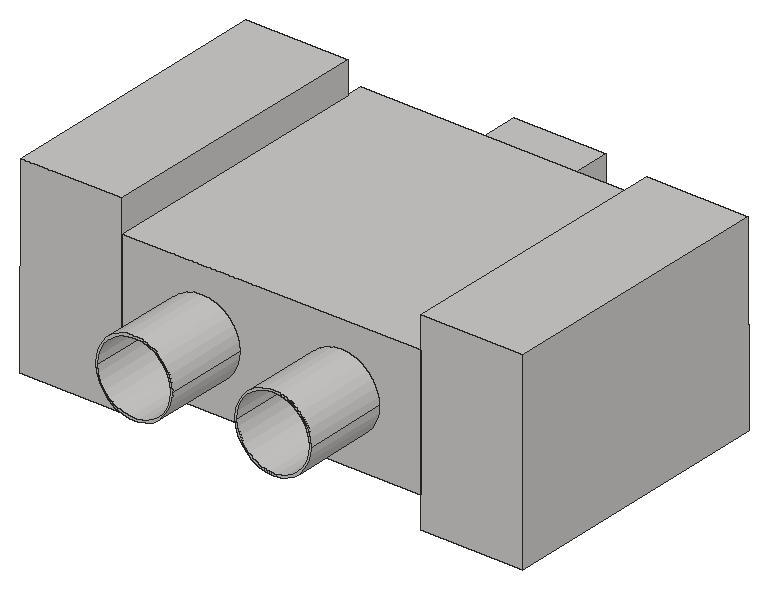
Revit family
Parameters
  Width = 1' - 7"
  Unit Weight = "68.0 lbs"
  URL = "http://www.titus-hvac.com/"
  UL = "181"
  SteriLoc Liner = Liner Option = 3  # no
  Outlet Width = 0' - 5 7/8"
  Outlet Height = 0' - 5 7/8"
  Nominal Width = Width + 1' 1"  # 2' - 8"
  Nominal Length = Length + Inlet Length + 0' 4"  # 2' - 4 3/8"
  Nominal Inlet Size = 0' - 5"
  Nominal Height = if(Height > 1' 0 1/4", Height, 1' 0 1/4")  # 1' - 0 1/4"
  NFPA = "90A"
  Model = "DEDV"
  Min. Air Flow = 0 CFM
  Max. Air Flow = 350 CFM
  Material = Steel
  Manufacturer = "Titus"
  Liner Option = 0
  Length = 1' - 7"
  Inlet Void Radius = Inlet Radius - 0' 0 1/8"  # 0' - 2 5/16"
  Inlet Radius = Inlet Diameter / 2  # 0' - 2 7/16"
  Inlet Offset = 0' - 8 7/8"
  Inlet Length = 0' - 5 3/8"
  Inlet Diameter = Nominal Inlet Size - 0' 0 1/8"  # 0' - 4 7/8"
  Height = 0' - 8 1/4"
  Heat Air Pressure Drop [instance] = 0.00 in-wg
  Heat Air Flow [instance] = 0 CFM
  Fiber Free Liner = Liner Option = 2  # no
  Duct Radius = Nominal Inlet Size / 2  # 0' - 2 1/2"
  Design Air Flow [instance] = 0 CFM
  Description = "Dual Duct Terminal Unit, Direct Digital Control, Pressure Independent, with Integral Mixer/Attenuator"
  Cool Air Pressure Drop [instance] = 0.00 in-wg
  Cool Air Flow [instance] = 0 CFM
  CADworks URL = "www.CADworks.net"
  Assembly Code = "D3040100"
  1/2" Fiberglass Liner = Liner Option = 0  # yes
  1" Fiberglass Liner = Liner Option = 1  # no
Reference planes (in)
  plane 1 "Center (Front/Back)": y = 0
  plane 2: z = 0
  plane 3 "Center (Left/Right)": x = 0
  plane 4: x = 9.5
  plane 5: x = -9.5
  plane 6: y = 9.5
  plane 7: y = -9.5
  plane 8: z = 4.125
  plane 9: z = -4.125
  plane 10: x = -4.4375
  plane 11: x = 4.4375
  plane 12: y = -14.875
  plane 13: y = 13.5
  plane 14: x = -16
  plane 15: x = 16
  plane 16: z = 6.125
  plane 17: z = -6.125
Forms (in)
  Extrusion 1, solid, material "Steel" <- "Material"
    sketch origin (0, 70.5, 0) x (1, 0, 0) y (0, 0, 1)
      loop
        line (-9.5, 4.125) -> (-9.5, -4.125) -> (9.5, -4.125) -> (9.5, 4.125) -> (-9.5, 4.125)
    from 61 to 80
  Extrusion 2, solid, material "Steel" <- "Material"
    sketch origin (0, 6.5, 0) x (1, 0, 0) y (0, 0, 1)
      loop
        line (9.5, 6.125) -> (9.5, -6.125) -> (16, -6.125) -> (16, 6.125) -> (9.5, 6.125)
    from -2 to 16
  Extrusion 3, solid, material "Steel" <- "Material"
    sketch origin (0, 8.5, 0) x (-1, 0, 0) y (0, 0, -1)
      loop
        line (9.5, -6.125) -> (16, -6.125) -> (16, 6.125) -> (9.5, 6.125) -> (9.5, -6.125)
    from 0 to 18
  Extrusion 4, solid, material "Steel" <- "Material"
    sketch origin (-0.5, -19, 0) x (1, 0, 0) y (0, 0, 1)
      loop
        circle (-3.9375, 0) r 2.4375
    from -9.5 to -4.125
  Extrusion 5, solid, material "Steel" <- "Material"
    sketch origin (-4, -6, 0) x (-1, 0, 0) y (0, 0, -1)
      loop
        circle (-8.4375, 0) r 2.4375
    from 3.5 to 8.875
  Extrusion 6, void
    sketch origin (0, -10.375, 0) x (1, 0, 0) y (0, 0, 1)
      loop
        circle (-4.4375, 0) r 2.3125
    from -0.875 to 4.5
  Extrusion 7, void
    sketch origin (0, 0, 0) x (1, 0, 0) y (0, 0, 1)
      loop
        circle (4.4375, 0) r 2.3125
    from 9.5 to 14.875
  Extrusion 8, solid, material "Steel" <- "Material"
    sketch origin (0, 23, 0) x (1, 0, 0) y (0, 0, 1)
      loop
        line (-2.9375, 2.9375) -> (-2.9375, -2.9375) -> (2.9375, -2.9375) -> (2.9375, 2.9375) -> (-2.9375, 2.9375)
    from 9.5 to 13.5
  Extrusion 9, void
    sketch origin (0, 34.5, 0) x (1, 0, 0) y (0, 0, 1)
      loop
        line (-2.8125, 2.8125) -> (-2.8125, -2.8125) -> (2.8125, -2.8125) -> (2.8125, 2.8125) -> (-2.8125, 2.8125)
    from 21 to 25
Cuts and joins
  Extrusion 6, Extrusion 7, Extrusion 9 cuts Extrusion 1
  Extrusion 6 cuts Extrusion 4
  Extrusion 7 cuts Extrusion 5
  Extrusion 9 cuts Extrusion 8
Dimensions and locks (in)
  "Length": plane 7 to plane 6
  equal spacing: plane 7, plane 1 "Center (Front/Back)", plane 6
  "Width": plane 5 to plane 4
  equal spacing: plane 5, plane 3 "Center (Left/Right)", plane 4
  "Height": plane 9 to plane 8
  equal spacing: plane 9, level, plane 8
  locked: Extrusion 2 to plane 7 at 18
  locked: Extrusion 2 to Extrusion 2 at 12.25
  equal spacing: Extrusion 2, plane 2, Extrusion 2
  locked: Extrusion 2 to plane 4 at 6.5
  locked: Extrusion 3 to Extrusion 3 at 12.25
  equal spacing: Extrusion 3, plane 2, Extrusion 3
  locked: Extrusion 3 to plane 5 at 6.5
  locked: Extrusion 3 to plane 7 at 18
  "Inlet Offset": plane 10 to plane 11
  equal spacing: plane 10, plane 3 "Center (Left/Right)", plane 11
  "Inlet Length": plane 7 to plane 12
  "Inlet Length": plane 7 to Extrusion 4
  "Inlet Length": Extrusion 5 to plane 7
  locked: plane 6 to plane 13 at 4
  "Outlet Width": Extrusion 8 sketch curve to Extrusion 8 sketch curve
  equal spacing: Extrusion 8 sketch curve, plane 3 "Center (Left/Right)", Extrusion 8 sketch curve
  locked: cut or joined group of Extrusion 8, Extrusion 9 to Extrusion 9 sketch curve at 0.125  (x3)
  locked: Extrusion 9 sketch curve to cut or joined group of Extrusion 8, Extrusion 9 at 0.125
  "Outlet Height": Extrusion 8 sketch curve to Extrusion 8 sketch curve
  equal spacing: Extrusion 8 sketch curve, plane 2, Extrusion 8 sketch curve
  "Nominal Width": plane 14 to plane 15
  plane 13 to plane 12 = 2' - 4 3/8"
  locked: plane 14 to plane 5 at 6.5
  plane 9 to cut or joined group of Extrusion 8, Extrusion 9 = 0' - 1 3/16"  (x3)
  plane 8 to cut or joined group of Extrusion 8, Extrusion 9 = 0' - 1 3/16"  (x2)
  "Inlet Radius": plane 11 to cut or joined group of Extrusion 5, Extrusion 7
  "Inlet Radius": cut or joined group of Extrusion 4, Extrusion 6 to plane 10
  "Inlet Radius": radius of Extrusion 4 sketch curve
  "Inlet Radius": radius of Extrusion 5 sketch curve
  "Inlet Void Radius": radius of Extrusion 6 sketch curve
  "Inlet Void Radius": radius of Extrusion 7 sketch curve
  aligned and locked: plane 6 to Extrusion 1
  aligned and locked: plane 4 to Extrusion 1
  aligned and locked: plane 5 to Extrusion 1
  aligned and locked: plane 7 to Extrusion 1
  aligned and locked: plane 8 to Extrusion 1
  aligned and locked: plane 7 to Extrusion 2
  aligned and locked: plane 7 to Extrusion 3
  aligned and locked: plane 12 to Extrusion 4
  aligned and locked: plane 7 to Extrusion 4
  aligned and locked: plane 7 to Extrusion 5
  aligned and locked: plane 6 to Extrusion 8
  aligned and locked: plane 13 to Extrusion 8
  aligned and locked: plane 12 to cut or joined group of Extrusion 4, Extrusion 6
  aligned and locked: plane 12 to cut or joined group of Extrusion 5, Extrusion 7
  aligned and locked: plane 13 to cut or joined group of Extrusion 8, Extrusion 9
  aligned and locked: plane 14 to Extrusion 3
  aligned and locked: plane 15 to Extrusion 2
  aligned and locked: cut or joined group of Extrusion 5, Extrusion 7 to cut or joined group of Extrusion 1, Extrusion 6, Extrusion 7, Extrusion 9
  aligned and locked: cut or joined group of Extrusion 4, Extrusion 6 to cut or joined group of Extrusion 1, Extrusion 6, Extrusion 7, Extrusion 9
  aligned and locked: cut or joined group of Extrusion 1, Extrusion 6, Extrusion 7, Extrusion 9 to cut or joined group of Extrusion 4, Extrusion 6  (x2)
  aligned and locked: plane 7 to Extrusion 7
  aligned and locked: Extrusion 7 to plane 12
  aligned and locked: plane 7 to Extrusion 6
  aligned and locked: Extrusion 6 to plane 12
  aligned and locked: Extrusion 9 to Extrusion 1
  aligned and locked: Extrusion 9 to plane 13
Automatic sketch dimensions
  Extrusion 1 sketch curve to plane 5 = 0' - 0"
  Extrusion 1 sketch curve to plane 4 = 0' - 0"
  Extrusion 1 sketch curve to plane 9 = 0' - 0"
  Extrusion 1 sketch curve to plane 8 = 0' - 0"
  Extrusion 2 sketch curve to plane 4 = 0' - 0"
  plane 9 to Extrusion 2 sketch curve = 0' - 2"
  Extrusion 2 sketch curve to Extrusion 2 sketch curve = 0' - 6 1/2"
  Extrusion 2 sketch curve to plane 8 = 0' - 2"
  Extrusion 3 sketch curve to plane 5 = 0' - 0"
  plane 9 to Extrusion 3 sketch curve = 0' - 2"
  Extrusion 3 sketch curve to Extrusion 3 sketch curve = 0' - 6 1/2"
  Extrusion 3 sketch curve to plane 8 = 0' - 2"
  Extrusion 4 sketch curve to level = 0' - 0"
  Extrusion 4 sketch curve to plane 10 = 0' - 0"
  Extrusion 5 sketch curve to level = 0' - 0"
  Extrusion 5 sketch curve to plane 11 = 0' - 0"
  Extrusion 6 sketch curve to level = 0' - 0"
  Extrusion 6 sketch curve to plane 10 = 0' - 0"
  Extrusion 7 sketch curve to level = 0' - 0"
  Extrusion 7 sketch curve to plane 11 = 0' - 0"
Connectors (in)
  hvac at (4.4375, -14.875, 0), driven by "Duct Radius", driven by "Cool Air Flow", driven by "Cool Air Pressure Drop"
    settings: on cut or joined group of Extrusion 5, Extrusion 7, index 1
  hvac at (-4.4375, -14.875, 0), driven by "Duct Radius", driven by "Heat Air Pressure Drop", driven by "Heat Air Flow"
    settings: on cut or joined group of Extrusion 4, Extrusion 6, index 2
  hvac at (0, 13.5, 0), driven by "Outlet Height", driven by "Outlet Width", driven by "Design Air Flow"
    settings: on cut or joined group of Extrusion 8, Extrusion 9, index 3
